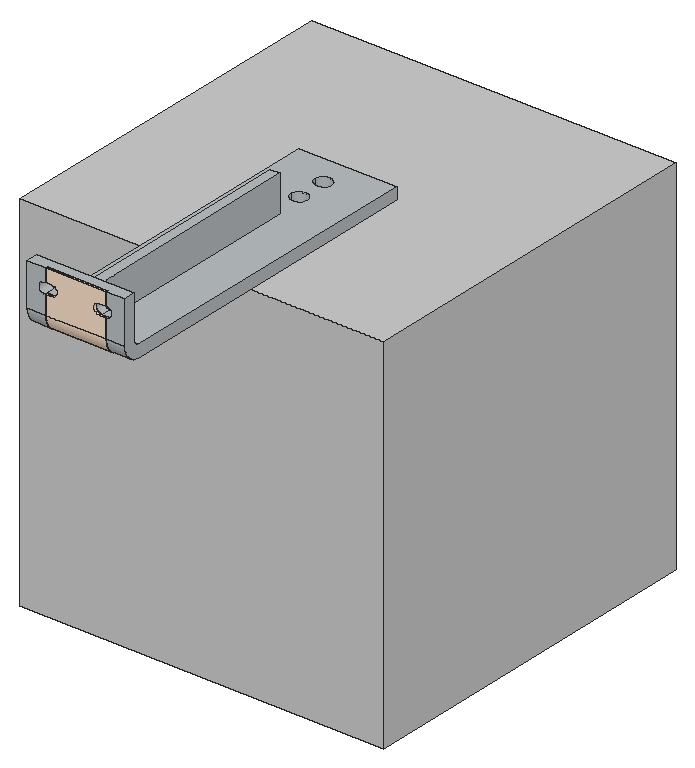
Revit family "REC-PARA2805010R", category Structural Connections, host Face, Revit 2024
Family settings
  Host = Face
  Material for Model Behavior = Steel
  Enable Cutting in Views = Yes
  Cut with Voids When Loaded = Yes
  Shared = No
Parameters (values of type "PARA2805010R")
  Visible = yes
  URL_Product_(Producto) = ""
  URL_DataSheet_(FichaTecnica) = ""
  URL_CE_Marking_(MarcadoCE) = ""
  Type IFC Predefined Type = "Brackets"
  Type Comments = ""
  URL = "https://recense.com/"
  Model = "PARA2805010R"
  Manufacturer = "RECENSE"
  Keynote_ESP = "Sistema de ménsula portante para paneles de hormigón GRC tipo STUD FRAME."
  Keynote = "Supporting bracket system for STUD FRAME type GRC concrete panels."
  IFCExportType = Classification.Uniclass.Pr.Description  # "Brackets"
  IFCExportAs = "IfcElementAssembly"
  Fecha de Creacion: = "01/03/2024"
  Fecha Ultima Revision: = "01/03/2024"
  Export Type to IFC As = "IfcElementAssembly"
  Description_ESP = "Pletina angular reforzada antideslizante 280x50x80x10 mm,  2 ranuras 15x9 mm."
  Description = "Non-slip reinforced angle plate 280x50x80x10 mm with slotted holes 15x9 mm."
  Default Elevation = 0.0 mm
  Creado por: = "Deliprogal SL"
  Cost = 0
  Classification.Uniclass.Ss.Number = ""
  Classification.Uniclass.Ss.Description = ""
  Classification.Uniclass.Pr.Number = "Pr_20_85_09"
  Classification.Uniclass.Pr.Description = "Brackets"
  Classification.Uniclass.EF.Number = ""
  Classification.Uniclass.EF.Description = ""
  Classification.Space.Number = ""
  Classification.Space.Description = ""
  Classification.Facility.Number = ""
  Classification.Facility.Description = ""
  Assembly Code = ""
Reference planes
  plane 1 "Center (Front/Back)": y = 0
  plane 2: z = 0
  plane 3 "Center (Left/Right)": x = 0
Forms (mm)
  Extrusion 1, solid, material "REC_Base"
    sketch origin (0, -719.2, 0) x (1, 0, 0) y (0, 1, 0)
      loop
        line (-150, 869.2) -> (-150, 569.2) -> (150, 569.2) -> (150, 869.2) -> (-150, 869.2)
    from 0 to -300
  Extrusion 2, void
    sketch origin (40, 407.676, -55) x (-1, 0, 0) y (0, -1, 0)
      loop
        circle (40, 432.676) r 6.975
      loop
        circle (40, 457.676) r 6.975
    from 55 to 65
  Extrusion 3, solid, material "REC_Acero, S 275JR (Zincado)"
    sketch origin (40, 367.676, 0) x (0, -1, 0) y (0, 0, 1)
      loop
        line (367.676, 10) -> (367.676, 0) -> (632.676, 0)
        arc (632.676, 0) -> (643.283, 4.393) -> (647.676, 15) r 15
        line (647.676, 15) -> (647.676, 50) -> (637.676, 50) -> (637.676, 15)
        arc (637.676, 15) -> (636.212, 11.464) -> (632.676, 10) r 5
        line (632.676, 10) -> (367.676, 10)
    from 0 to 80
  Extrusion 4, solid, material "REC_Acero, S 275JR (Zincado)"
    sketch origin (40, 357.676, 0) x (0, -1, 0) y (0, 0, 1)
      loop
        line (432.676, 10) -> (622.676, 10) -> (627.676, 15) -> (627.676, 40) -> (432.676, 40) -> (432.676, 10)
    from 36 to 44
  Extrusion 5, void
    sketch origin (40, -270, 15) x (0, 0, -1) y (1, 0, 0)
      loop
        line (-24.5, -59.5) -> (-24.5, -65.5)
        arc (-24.5, -65.5) -> (-20, -70) -> (-15.5, -65.5) r 4.5
        line (-15.5, -65.5) -> (-15.5, -59.5)
        arc (-15.5, -59.5) -> (-20, -55) -> (-24.5, -59.5) r 4.5
    from 0 to 10
  Extrusion 6, void
    sketch origin (-40, -270, 15) x (0, 0, -1) y (1, 0, 0)
      loop
        arc (-24.5, 59.5) -> (-20, 55) -> (-15.5, 59.5) r 4.5
        line (-15.5, 59.5) -> (-15.5, 65.5)
        arc (-15.5, 65.5) -> (-20, 70) -> (-24.5, 65.5) r 4.5
        line (-24.5, 65.5) -> (-24.5, 59.5)
    from 0 to 10
  Extrusion 7, void
    sketch origin (40, 0, 0) x (0, -1, 0) y (0, 0, 1)
      loop
        line (280, 15) -> (280, 50) -> (278, 50) -> (278, 15)
        arc (278, 15) -> (276.192, 8.386) -> (271.271, 3.612) r 13
        line (271.271, 3.612) -> (272.235, 1.86)
        arc (272.235, 1.86) -> (277.914, 7.369) -> (280, 15) r 15
    from 15 to 65
  Extrusion 8, solid, material "REC_Denteado"
    sketch origin (40, 0, 0) x (0, -1, 0) y (0, 0, 1)
      loop
        line (280, 50) -> (278, 50) -> (278, 15)
        arc (278, 15) -> (276.192, 8.386) -> (271.271, 3.612) r 13
        line (271.271, 3.612) -> (272.235, 1.86)
        arc (272.235, 1.86) -> (277.914, 7.369) -> (280, 15) r 15
        line (280, 15) -> (280, 50)
    from 15 to 65
Cuts and joins
  Extrusion 2, Extrusion 5, Extrusion 6, Extrusion 7 cuts Extrusion 3
  Extrusion 5, Extrusion 6 cuts Extrusion 8
Dimensions and locks
  aligned and locked: plane 2 to Extrusion 1
  aligned and locked: level to Extrusion 1
